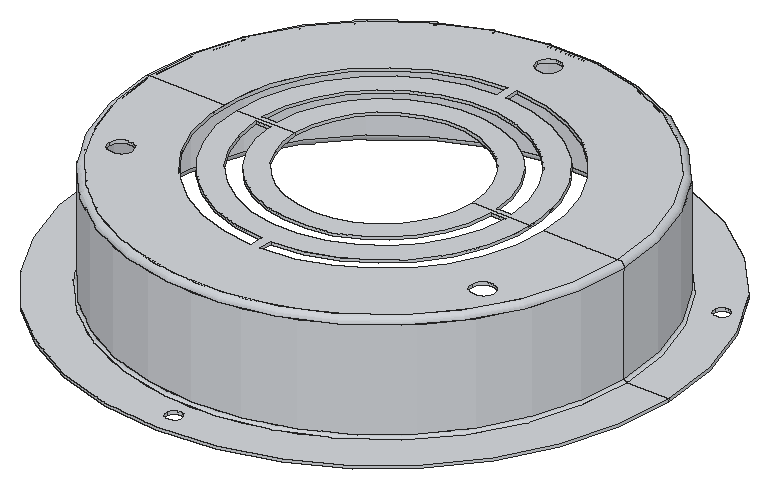
Revit family "F1900", category Pipe Accessories, Revit 2018
Family settings
  Round Connector Dimension = Use Diameter
  Part Type = Normal
  Work Plane-Based = No
  Always vertical = Yes
  Cut with Voids When Loaded = No
  Shared = No
Parameters (values of type "MI-TR-3")
  URL = "WWW.MIFAB.COM"
  Model = "F1900"
  Manufacturer = "MIFAB"
  Description = "FLOOR DRAIN INSTALLATION STABILIZING PLATE - FOR A1 BODIES"
Types (4): name | Model | Description
  (no name) | "F1900" | "FLOOR DRAIN INSTALLATION STABILIZING PLATE - FOR A1 BODIES"
  MI-TR-2 | "MI-TR-2" | "PVC SOCKET TRANSITION COPULING"
  MI-TR-3 | "F1900" | "FLOOR DRAIN INSTALLATION STABILIZING PLATE - FOR A1 BODIES"
  MI-TR-4 | "MI-TR-4" | "PVC SOCKET TRANSITION COPULING"
Reference planes (in)
  plane 1 "Center (Front/Back)": y = 0
  plane 2: z = 0
  plane 3 "Center (Left/Right)": x = 0
  plane 4: x = -4
  plane 5: x = 4
  plane 6: x = -3.375
  plane 7: x = 3.375
  plane 8: z = 0.03937
  plane 9: z = 1.53937
Forms (in)
  Revolve 1, solid
    sketch origin (0, 0, 0) x (1, 0, 0) y (0, 0, 1)
      loop
        line (3.41797, 0) -> (4, 0) -> (4, 0.03937) -> (3.41406, 0.03937)
        arc (3.41406, 0.03937) -> (3.38644, 0.05081) -> (3.375, 0.07843) r 0.03906
        line (3.375, 0.07843) -> (3.375, 1.45557)
        arc (3.375, 1.45557) -> (3.35046, 1.51483) -> (3.2912, 1.53937) r 0.0838
        line (3.2912, 1.53937) -> (0, 1.53937) -> (0, 1.50031) -> (3.29526, 1.50031)
        arc (3.29526, 1.50031) -> (3.32402, 1.48839) -> (3.33594, 1.45963) r 0.04068
        line (3.33594, 1.45963) -> (3.33594, 0.08203)
        arc (3.33594, 0.08203) -> (3.35996, 0.02403) -> (3.41797, 0) r 0.08203
      axis (0, 0) -> (0, 1.53937)
    angle from 0 to 360
  Extrusion 2, void
    sketch origin (0, 0, 0) x (1, 0, 0) y (0, 1, 0)
      loop
        circle (0, -3.6798) r 0.10879
      loop
        circle (-3.25323, 1.86986) r 0.10879
      loop
        circle (3.25323, 1.86986) r 0.10879
      loop
        circle (-0.00487, 2.90187) r 0.16323
      loop
        circle (-2.54233, -1.4361) r 0.16323
      loop
        circle (2.54233, -1.4361) r 0.16323
      loop
        arc (-0.06133, 2.24916) -> (-2.25, 0) -> (-0.06133, -2.24916) r 2.25
        line (-0.06133, -2.24916) -> (-0.06133, -2.06028)
        arc (-0.06133, -2.06028) -> (-2.0612, 0) -> (-0.06133, 2.06028) r 2.0612
        line (-0.06133, 2.06028) -> (-0.06133, 2.24916)
      loop
        line (-1.54434, -0.05365) -> (-1.74918, -0.05365)
        arc (-1.74918, -0.05365) -> (0, -1.75) -> (1.74918, -0.05365) r 1.75
        line (1.74918, -0.05365) -> (1.54434, -0.05365)
        arc (1.54434, -0.05365) -> (0, -1.54527) -> (-1.54434, -0.05365) r 1.54527
      loop
        circle (0, 0) r 1.25
      loop
        line (0.06133, 2.24916) -> (0.06133, 2.06028)
        arc (0.06133, 2.06028) -> (2.0612, 0) -> (0.06133, -2.06028) r 2.0612
        line (0.06133, -2.06028) -> (0.06133, -2.24916)
        arc (0.06133, -2.24916) -> (2.25, 0) -> (0.06133, 2.24916) r 2.25
      loop
        line (-1.74918, 0.05365) -> (-1.54434, 0.05365)
        arc (-1.54434, 0.05365) -> (0, 1.54527) -> (1.54434, 0.05365) r 1.54527
        line (1.54434, 0.05365) -> (1.74918, 0.05365)
        arc (1.74918, 0.05365) -> (0, 1.75) -> (-1.74918, 0.05365) r 1.75
    from 0 to 1.53937
Cuts and joins
  Extrusion 2 cuts Revolve 1
Lines and regions (in)
  model lines, not visible
    curve 1: line (11.71101, 0, 18.8062) -> (11.71101, 0, 23.8062)
    curve 2: line (11.71101, 0, 23.8062) -> (18.46101, 0, 23.8062)
    curve 3: line (18.46101, 0, 23.8062) -> (18.46101, 0, 18.8062)
    curve 4: line (15.08601, 0, 23.8062) -> (15.08601, 0, 22.3062)
Dimensions and locks (in)
  equal spacing: plane 4, plane 3 "Center (Left/Right)", plane 5
  locked: plane 5 to plane 4 at 8
  equal spacing: plane 7, plane 3 "Center (Left/Right)", plane 6
  locked: plane 7 to plane 6 at 6.75
  plane 9 to plane 8 = 1 1/2"
  aligned and locked: level to plane 2
  aligned and locked: Revolve 1 sketch curve to plane 2
  aligned and locked: plane 5 to Revolve 1 sketch curve
  aligned and locked: Revolve 1 sketch curve to plane 8
  aligned and locked: plane 7 to Revolve 1 sketch curve
  aligned and locked: Revolve 1 sketch curve to plane 9
  aligned and locked: Revolve 1 sketch curve to plane 3 "Center (Left/Right)"
  aligned and locked: Extrusion 2 to level
  aligned and locked: plane 9 to Extrusion 2
Automatic sketch dimensions
  Revolve 1 sketch curve to plane 3 "Center (Left/Right)" = 0"
  plane 7 to Revolve 1 sketch curve = 0.0838"
  Revolve 1 sketch curve to Revolve 1 sketch curve = 0.00406"  (x2)
  plane 7 to Revolve 1 sketch curve = 5/128"
  Revolve 1 sketch curve to plane 7 = 5/128"
  Revolve 1 sketch curve to Revolve 1 sketch curve = 1/256"
  plane 9 to Revolve 1 sketch curve = 3/4"
  Revolve 1 sketch curve to Revolve 1 sketch curve = 3/4"
  Extrusion 2 sketch curve to Extrusion 2 sketch curve = 0"  (x21)
  plane 1 "Center (Front/Back)" to Extrusion 2 sketch curve = 0"
  Extrusion 2 sketch curve to plane 3 "Center (Left/Right)" = 0"  (x2)
  Extrusion 2 sketch curve to plane 3 "Center (Left/Right)" = 0.00487"
  Extrusion 2 sketch curve to plane 3 "Center (Left/Right)" = 0.06133"  (x2)
  plane 6 to Extrusion 2 sketch curve = 0.83267"
  plane 6 to Extrusion 2 sketch curve = 0.12177"
  plane 3 "Center (Left/Right)" to Extrusion 2 sketch curve = 0.06133"  (x2)
  plane 7 to Extrusion 2 sketch curve = 0.83267"
  plane 7 to Extrusion 2 sketch curve = 0.12177"
  plane 1 "Center (Front/Back)" to Extrusion 2 sketch curve = 1.4361"  (x2)
  plane 1 "Center (Front/Back)" to Extrusion 2 sketch curve = 2.06028"
  Extrusion 2 sketch curve to Extrusion 2 sketch curve = 0.18888"
  Extrusion 2 sketch curve to Extrusion 2 sketch curve = 1.43064"
  Extrusion 2 sketch curve to plane 1 "Center (Front/Back)" = 1.86986"  (x2)
  Extrusion 2 sketch curve to Extrusion 2 sketch curve = 0.6527"
  Extrusion 2 sketch curve to Extrusion 2 sketch curve = 0.20484"
  plane 1 "Center (Front/Back)" to Extrusion 2 sketch curve = 0.05365"  (x2)
  plane 3 "Center (Left/Right)" to Extrusion 2 sketch curve = 1.54434"
  Extrusion 2 sketch curve to plane 1 "Center (Front/Back)" = 0.05365"
  radius of Extrusion 2 sketch curve = 0.10879"  (x3)
  radius of Extrusion 2 sketch curve = 0.16323"  (x3)
  radius of Extrusion 2 sketch curve = 1 1/4"
